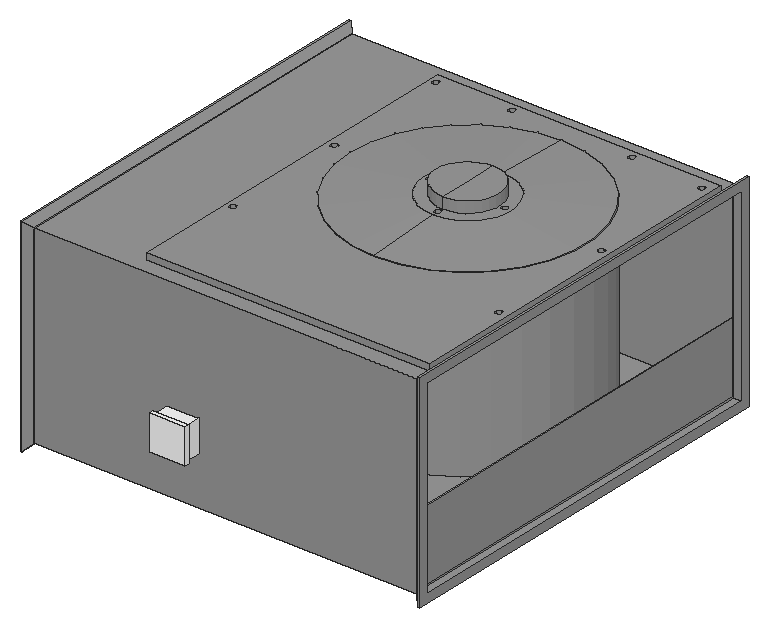
Revit family "RKB 1000x500 B3 EC_7480108", category Mechanical Equipment, Revit 2014
Parameters (values of type "RKB 1000X500 B3 EC")
  Wiring diagram = "4040147"
  Width = 1017 mm
  Weight = 70.90 kg
  Voltage range = "380-480 V"
  Voltage = 400 V
  Speed = "1230 rpm"
  Sound pressure level at 3 m = "66 dB(A)"
  Power = 1570 W
  Phase = 3
  Max. temperature of transported air when speed controlled = 60 °C
  Max. temperature of transported air = 60 °C
  Main Material = Steel, Galvanized
  Height = 598 mm
  Frequency = 50 Hz
  Elevation [instance] = 2600 mm
  Description = "UNINSULATED DUCT FANS WITH RECTANGULAR CONNECTIONS"
  Depth = 1043 mm
  Current = 2.45 A
  Connector Height = 500 mm
  Connector Width = 1000 mm
  Capacitor = "- μF"
Reference planes
  plane 1 "Center (Front/Back)": y = 0
  plane 2: z = 0
  plane 3 "Center (Left/Right)": x = 0
  plane 4: x = -508.5
  plane 5: x = 508.5
  plane 6: y = 521.5
  plane 7: y = -521.5
  plane 8: z = 2600
  plane 9: z = 3198
Dimensions and locks
  equal spacing: plane 4, plane 3 "Center (Left/Right)", plane 5
  "Width": plane 4 to plane 5
  equal spacing: plane 6, plane 1 "Center (Front/Back)", plane 7
  "Depth": plane 6 to plane 7
  "Elevation": plane 8 to level
  "Height": plane 9 to plane 8
  aligned and locked: level to plane 2
  aligned and locked: nested 1 to plane 1 "Center (Front/Back)"
  aligned and locked: plane 1 "Center (Front/Back)" to nested 2
  aligned and locked: plane 3 "Center (Left/Right)" to nested 2
  aligned and locked: nested 2 to plane 8
  aligned and locked: plane 3 "Center (Left/Right)" to nested 1
Nested families
  nested 1: "Flow direction symbol" at (0, 0, 0), type "Flow direction symbol"
  nested 2: "RKB" at (0, 0, 2563.5), type "RKB"
Connectors
  electrical at (-107.218, -555.269, 2781.959), driven by "Phase", driven by "Voltage", driven by "Power"
    settings: on nested 2, index 3, voltage 400 V, apparent load 0 VA, apparent load phase1 1570 VA, apparent load phase2 0 VA, apparent load phase3 0 VA, power factor 1, load classification "HVAC", number of poles 3, system type 31, power factor state 1, is connector primary yes, connector utility no, sub classification motor no, connector description ""
  hvac at (-487.269, 0, 2862.5), driven by "Connector Height", driven by "Connector Width"
    settings: on nested 2, index 4, duct flow 0.0 L/s, flow factor 0, pres drop 0.0 Pa, loss coef 0, conn angle 0.00°, conn width 1000 mm, conn height 500 mm, conn diameter 609.6 mm, duct sys type 1, conn prof type 1, flow config 0, flow direction 1, loss method 0, conn ref index -1, conn util no, is conn primary yes, conn desc ""
  hvac at (487.269, 0, 2862.5), driven by "Connector Height", driven by "Connector Width"
    settings: on nested 2, index 5, duct flow 0.0 L/s, flow factor 0, pres drop 0.0 Pa, loss coef 0, conn angle 0.00°, conn width 1000 mm, conn height 500 mm, conn diameter 609.6 mm, duct sys type 3, conn prof type 1, flow config 0, flow direction 2, loss method 0, conn ref index -1, conn util no, is conn primary no, conn desc ""
Definition of nested family "RKB"
  Parameters (values of type "RKB")
    Width = 1017 mm
    Main Material = Steel, Galvanized
    Height = 598 mm
    Description = ""
    Depth = 1043 mm
    Connector Width = 1000 mm
    Connector Heigth = 500 mm
  Reference planes
    plane 1 "Center (Front/Back)": y = 0
    plane 2: z = 0
    plane 3 "Center (Left/Right)": x = 0
    plane 4: x = -508.5
    plane 5: x = 508.5
    plane 6: y = 521.5
    plane 7: y = -521.5
    plane 8: z = 598
    plane 9: z = 119
    plane 10: z = 299
    plane 11: z = 49
    plane 12: y = 500
    plane 13: y = -500
    plane 14: z = 560
    plane 15: z = 36.5
    plane 16: x = 127.164
    plane 17: y = 106.389
  Forms (mm)
    Sweep 1, solid, material "Steel, Galvanized" <- "Main Material", detail levels medium+fine
      path origin (-508.5, 864.407, 1200) x (0, 1, 0) y (0, 0, 1)
        loop
          line (-342.907, -1163.5) -> (-342.907, -640) -> (-1385.907, -640) -> (-1385.907, -1163.5) -> (-342.907, -1163.5)
      profile origin (-508.5, 521.5, 298.25) x (0, -1, 0) y (1, 0, 0)
        loop
          line (22.203, 21.231) -> (16.231, 21.231) -> (0, 5) -> (0, 0) -> (22.203, 0) -> (22.203, 21.231)
    Revolve 2, solid, material "Steel, Galvanized" <- "Main Material", detail levels medium+fine
      sketch origin (127.164, -8.932, 1192.093) x (0, -1, 0) y (0, 0, 1)
        loop
          line (-115.321, -1099.268) -> (-115.321, -594.093) -> (-195.321, -594.093) -> (-195.321, -622.117) -> (-225.872, -622.117) -> (-415.321, -632.093) -> (-415.321, -1099.268) -> (-115.321, -1099.268)
        axis (-115.321, -594.093) -> (-115.321, -1099.268)
      angle from 0 to 360
    Sweep 3, void
      path origin (58.455, 35, 1200) x (-1, 0, 0) y (0, 0, 1)
        loop
          line (-1.25, -699.203) -> (-1.25, -574.203)
      profile origin (59.705, 35, 563.297) x (1, 0, 0) y (0, 1, 0)
        loop
          circle (405.854, 391.709) r 8
        loop
          circle (67.514, 166.389) r 8
        loop
          circle (-27.537, 70.461) r 8
        loop
          circle (162.459, 71.389) r 8
        loop
          circle (67.459, -23.611) r 8
        loop
          circle (219.921, 402.771) r 8
        loop
          circle (-85.079, 402.771) r 8
        loop
          circle (-273.558, 396.934) r 8
        loop
          circle (405.854, -252.66) r 8
        loop
          circle (408.751, 69.678) r 8
        loop
          circle (-271.945, 71.362) r 8
        loop
          circle (-273.558, -247.885) r 8
    Sweep 4, solid, material "Steel, Galvanized" <- "Main Material", detail levels coarse
      path origin (0, 100, 0) x (1, 0, 0) y (0, 1, 0)
        loop
          line (-508.5, 0) -> (508.5, 0)
      profile origin (0, 100, 0) x (0, 1, 0) y (0, 0, 1)
        loop
          line (421.5, 598) -> (-621.5, 598) -> (-621.5, 36.5) -> (421.5, 36.5) -> (421.5, 598)
    Sweep 5, solid, material "Steel, Galvanized" <- "Main Material", detail levels medium+fine
      path origin (0, 0, 0) x (0, 1, 0) y (0, 0, 1)
        loop
          line (499.297, 60.203) -> (499.297, 240.203)
      profile origin (0, 499.297, 150.203) x (0, -1, 0) y (1, 0, 0)
        loop
          line (0, -487.269) -> (998.595, -487.269) -> (998.595, -484.269) -> (0, -484.269) -> (0, -487.269)
        loop
          line (0, 487.269) -> (0, 484.269) -> (998.595, 484.269) -> (998.595, 487.269) -> (0, 487.269)
    Sweep 6, solid, material "Plastic", detail levels medium+fine
      path origin (0, 0, 0) x (1, 0, 0) y (0, 1, 0)
        loop
          line (-107.218, -505.269) -> (-107.218, -545.269)
      profile origin (-107.218, -525.269, 0) x (1, 0, 0) y (0, 0, 1)
        loop
          line (-40, 178.459) -> (40, 178.459) -> (40, 258.459) -> (-40, 258.459) -> (-40, 178.459)
    Sweep 7, solid, material "Plastic", detail levels medium+fine
      path origin (0, 0, 0) x (1, 0, 0) y (0, 1, 0)
        loop
          line (-107.218, -545.269) -> (-107.218, -555.269)
      profile origin (-107.218, -550.269, 0) x (1, 0, 0) y (0, 0, 1)
        loop
          line (-45, 263.459) -> (-45, 173.459) -> (45, 173.459) -> (45, 263.459) -> (-45, 263.459)
    Extrusion 8, solid, material "Steel, Galvanized" <- "Main Material"
      sketch origin (0, 0, 140) x (0, 1, 0) y (0, 0, 1)
        loop
          line (460, 403.769) -> (460, 420) -> (-465.951, 420) -> (-465.951, 403.769) -> (460, 403.769)
      from -231.084 to 487.269
    Sweep 9, solid, material "Steel, Galvanized" <- "Main Material", detail levels medium+fine
      path origin (508.5, 864.407, 1200) x (0, 1, 0) y (0, 0, -1)
        loop
          line (-342.907, 1163.5) -> (-1385.907, 1163.5) -> (-1385.907, 640) -> (-342.907, 640) -> (-342.907, 1163.5)
      profile origin (508.5, 521.5, 298.25) x (0, 1, 0) y (-1, 0, 0)
        loop
          line (-22.203, 21.231) -> (-22.203, 0) -> (0, 0) -> (0, 5) -> (-16.231, 21.231) -> (-22.203, 21.231)
    Extrusion 10, solid, material "Steel, Galvanized" <- "Main Material"
      sketch origin (0, 0, 0) x (0, 1, 0) y (0, 0, 1)
        loop
          line (505.269, 543.769) -> (-505.269, 543.769) -> (-505.269, 54.231) -> (505.269, 54.231) -> (505.269, 543.769)
        loop
          line (499.297, 537.797) -> (-499.297, 537.797) -> (-499.297, 60.203) -> (499.297, 60.203) -> (499.297, 537.797)
      from -487.269 to 487.269
  Cuts and joins
    Sweep 3 cuts Extrusion 8
    Sweep 3 cuts Revolve 2
  Dimensions and locks
    equal spacing: plane 4, plane 3 "Center (Left/Right)", plane 5
    "Width": plane 4 to plane 5
    equal spacing: plane 6, plane 1 "Center (Front/Back)", plane 7
    "Depth": plane 6 to plane 7
    "Height": plane 8 to level
    Sweep 3 sketch curve to plane 8 to Sweep 3 sketch curve = 27.797 mm locked, 97.203 mm
    locked: plane 6 to Sweep 5 sketch curve at 22.203  (x2)
    locked: plane 4 to Sweep 5 sketch curve at 21.231
    locked: Sweep 5 sketch curve to Sweep 5 sketch curve at 3  (x2)
    locked: Sweep 5 sketch curve to plane 7 at 22.203  (x2)
    locked: Sweep 5 sketch curve to plane 6 at 22.203
    locked: Sweep 5 sketch curve to plane 5 at 21.231
    Sweep 6 sketch curve to plane 7 to Sweep 6 sketch curve = 16.231 mm, 23.769 mm
    plane 7 to Sweep 7 sketch curve to Sweep 7 sketch curve = 23.769 mm, 10 mm locked
    equal spacing: plane 8, plane 10, plane 2
    plane 10 to plane 11 = 250 mm
    "Connector Width": plane 12 to plane 13
    equal spacing: plane 12, plane 1 "Center (Front/Back)", plane 13
    plane 10 to plane 14 = 261 mm
    aligned and locked: level to plane 2
    aligned and locked: plane 15 to Sweep 1 sketch curve
    aligned and locked: Extrusion 10 to Sweep 1
    aligned and locked: Extrusion 10 to Sweep 5
    aligned and locked: cut or joined group of Sweep 3, Extrusion 8 to Extrusion 10
    aligned and locked: cut or joined group of Revolve 2, Sweep 3 to plane 8
    aligned and locked: Sweep 9 to Sweep 4 sketch curve
    aligned and locked: Sweep 4 sketch curve to cut or joined group of Revolve 2, Sweep 3
    aligned and locked: Extrusion 10 to Sweep 9
    aligned and locked: Sweep 4 to plane 7
    aligned and locked: plane 6 to Sweep 4
  Automatic sketch dimensions
    Sweep 1 sketch curve to plane 7 = 0 mm
    Sweep 1 sketch curve to plane 6 = 0 mm
    plane 14 to Sweep 1 sketch curve = 0 mm
    Sweep 1 sketch curve to profile plane = 0 mm
    Sweep 1 sketch curve to plane 4 = 0 mm
    Sweep 1 sketch curve to profile plane = 16.231 mm
    Sweep 1 sketch curve to Sweep 1 sketch curve = 5.972 mm
    plane 4 to Sweep 1 sketch curve = 5 mm
    plane 4 to Sweep 1 sketch curve = 21.231 mm
    Sweep 4 sketch curve to plane 4 = 0 mm
    Sweep 4 sketch curve to plane 5 = 0 mm
    profile plane to Sweep 4 sketch curve = 621.5 mm
    Sweep 4 sketch curve to profile plane = 421.5 mm
    Sweep 6 sketch curve to plane 3 "Center (Left/Right)" = 107.218 mm
    profile plane to Sweep 6 sketch curve = 40 mm
    Sweep 6 sketch curve to profile plane = 40 mm
    profile plane to Sweep 6 sketch curve = 178.459 mm
    Sweep 6 sketch curve to Sweep 6 sketch curve = 80 mm
    Sweep 7 sketch curve to plane 3 "Center (Left/Right)" = 107.218 mm
    profile plane to Sweep 7 sketch curve = 45 mm
    Sweep 7 sketch curve to profile plane = 45 mm
    level to Sweep 7 sketch curve = 173.459 mm
    Sweep 7 sketch curve to Sweep 7 sketch curve = 90 mm
    Extrusion 8 sketch curve to plane 8 = 54.231 mm
    plane 13 to Extrusion 8 sketch curve = 34.049 mm
    Extrusion 8 sketch curve to plane 12 = 40 mm
    Extrusion 8 sketch curve to Extrusion 8 sketch curve = 16.231 mm
    Sweep 9 sketch curve to plane 7 = 0 mm
    Sweep 9 sketch curve to plane 6 = 0 mm
    plane 14 to Sweep 9 sketch curve = 0 mm
    Sweep 9 sketch curve to plane 15 = 0 mm
    Sweep 9 sketch curve to profile plane = 0 mm
    profile plane to Sweep 9 sketch curve = 0 mm
    profile plane to Sweep 9 sketch curve = 16.231 mm
    Sweep 9 sketch curve to Sweep 9 sketch curve = 5.972 mm
    profile plane to Sweep 9 sketch curve = 5 mm
    profile plane to Sweep 9 sketch curve = 21.231 mm
    Extrusion 10 sketch curve to plane 13 = 5.269 mm
    plane 13 to Extrusion 10 sketch curve = 0.703 mm
    Extrusion 10 sketch curve to plane 12 = 0.703 mm
    plane 12 to Extrusion 10 sketch curve = 5.269 mm
    plane 11 to Extrusion 10 sketch curve = 5.231 mm
    Extrusion 10 sketch curve to Extrusion 10 sketch curve = 5.972 mm  (x2)
    plane 14 to Extrusion 10 sketch curve = 16.231 mm
    Sweep 4 sketch curve to plane 1 "Center (Front/Back)" = 100 mm
    profile plane to Sweep 3 sketch curve = 273.558 mm  (x2)
    profile plane to Sweep 3 sketch curve = 271.945 mm
    profile plane to Sweep 3 sketch curve = 85.079 mm
    profile plane to Sweep 3 sketch curve = 27.537 mm
    Sweep 3 sketch curve to profile plane = 67.459 mm
    Sweep 3 sketch curve to profile plane = 67.514 mm
    profile plane to Sweep 3 sketch curve = 71.389 mm
    Sweep 3 sketch curve to profile plane = 408.751 mm
    Sweep 3 sketch curve to profile plane = 219.921 mm
    Sweep 3 sketch curve to Sweep 3 sketch curve = 185.932 mm
    Sweep 3 sketch curve to Sweep 3 sketch curve = 2.897 mm
    profile plane to Sweep 3 sketch curve = 70.461 mm
    Sweep 3 sketch curve to profile plane = 23.611 mm
    Sweep 3 sketch curve to profile plane = 252.66 mm
    Sweep 3 sketch curve to profile plane = 247.885 mm
    Sweep 3 sketch curve to Sweep 3 sketch curve = 322.339 mm
    Sweep 3 sketch curve to Sweep 3 sketch curve = 319.248 mm
    profile plane to Sweep 3 sketch curve = 391.709 mm
    profile plane to Sweep 3 sketch curve = 396.934 mm
    Sweep 3 sketch curve to Sweep 3 sketch curve = 5.837 mm
    Sweep 3 sketch curve to Sweep 3 sketch curve = 11.062 mm
    plane 3 "Center (Left/Right)" to Sweep 3 sketch curve = 59.705 mm
    plane 14 to Revolve 2 sketch curve = 0 mm
    Revolve 2 sketch curve to plane 8 = 0 mm
    Revolve 2 sketch curve to plane 17 = 0 mm  (x2)
    Revolve 2 sketch curve to plane 17 = 80 mm
    Revolve 2 sketch curve to plane 14 = 9.976 mm
    Revolve 2 sketch curve to Revolve 2 sketch curve = 30.551 mm
    Revolve 2 sketch curve to plane 12 = 93.611 mm
    Revolve 2 sketch curve to plane 9 = 26.175 mm
    Revolve 2 sketch curve to plane 15 = 3.204 mm
    plane 8 to Revolve 2 sketch curve = 18.846 mm
    Sweep 3 sketch curve to Sweep 3 sketch curve = 94.945 mm
    Sweep 3 sketch curve to Sweep 3 sketch curve = 95 mm
    plane 11 to Sweep 5 sketch curve = 11.203 mm
    Sweep 5 sketch curve to plane 10 = 58.797 mm
    radius of Sweep 3 sketch curve = 8 mm  (x12)
Definition of nested family "Flow direction symbol"
  Parameters (values of type "Flow direction symbol")
    Warning = "!"
    Text = "DIMENSIONS OVERCONSTRAINT"
  Reference planes
    plane 1: y = 0
    plane 2: x = 0
  Lines and regions (mm)
    detail lines
      curve 1: line (-0.506, 0.877, 0) -> (-0.506, -0.877, 0)
      curve 2: line (1.012, 0, 0) -> (-0.506, -0.877, 0)
      curve 3: line (-0.506, 0.877, 0) -> (1.012, 0, 0)
      curve 4: circle (0, 0, 0) r 1 normal (0, 0, 1)
